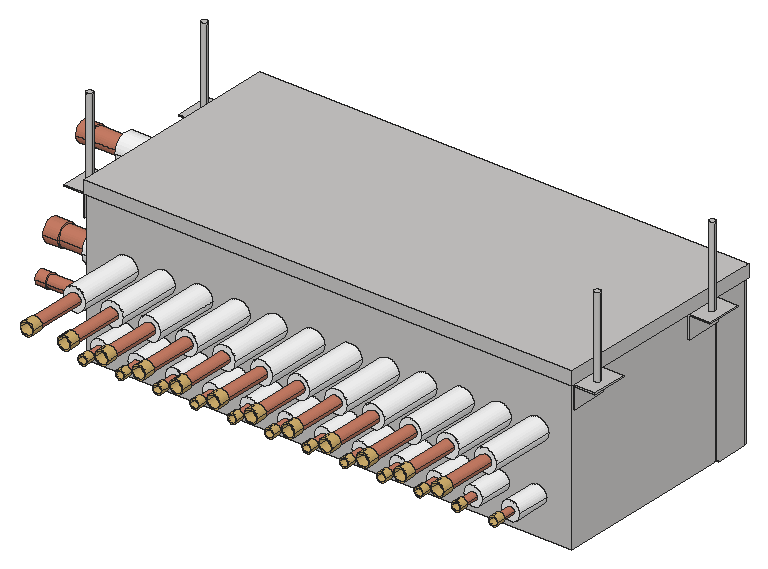
Revit family "Changeover_Box-VRF-Non_ducted-JCI-12_Port", category Mechanical Equipment, Revit 2014
Parameters (values of type "208v")
  Width = Body Width + Gas Front Connection Length  # 21.813"
  Voltage = 208 V
  Product Page URL = ""
  Product Name = "COB12M264B22S"
  Product Documentation Link = ""
  Power Factor = 0.8
  Power Consumption = 33.6 W
  Power Conduit Radius = Power Conduit Diameter / 2  # 7/16"
  Power Conduit Diameter = 7/8"
  Pitch = 4.750"
  Phase = 1
  Outdoor Suction Gas Wall Thickness = Outdoor Suction Gas Socket Outside Radius - Outdoor Suction Gas Socket Inside Radius  # 0.05855"
  Outdoor Suction Gas Socket Outside Radius = 1.0552 * Outdoor Suction Gas Radius + 0.095"  # 0.6226"
  Outdoor Suction Gas Socket Outside Depth = Outdoor Suction Gas Socket Inside Depth + Outdoor Suction Gas Wall Thickness  # 0.88355"
  Outdoor Suction Gas Socket Inside Radius = 1.0001 * Outdoor Suction Gas Radius + 0.064"  # 0.56405"
  Outdoor Suction Gas Socket Inside Depth = 1.15 * Outdoor Suction Gas Radius + 0.250"  # 0.825"
  Outdoor Liquid Wall Thickness = Outdoor Liquid Socket Outside Radius - Outdoor Liquid Socket Inside Radius  # 0.04822"
  Outdoor Liquid Socket Outside Radius = 1.0552 * Outdoor Liquid Radius + 0.095"  # 0.42475"
  Outdoor Liquid Socket Outside Depth = Outdoor Liquid Socket Inside Depth + Outdoor Liquid Wall Thickness  # 0.65759"
  Outdoor Liquid Socket Inside Radius = 1.0001 * Outdoor Liquid Radius + 0.064"  # 0.37653"
  Outdoor Liquid Socket Inside Depth = 1.15 * Outdoor Liquid Radius + 0.250"  # 0.60938"
  Outdoor Discharge Gas Wall Thickness = Outdoor Discharge Gas Socket Outside Radius - Outdoor Discharge Gas Socket Inside Radius  # 0.06199"
  Outdoor Discharge Gas Socket Outside Radius = 1.0552 * Outdoor Discharge Gas Radius + 0.095"  # 0.68855"
  Outdoor Discharge Gas Socket Outside Depth = Outdoor Discharge Gas Socket Inside Depth + Outdoor Discharge Gas Wall Thickness  # 0.95887"
  Outdoor Discharge Gas Socket Inside Radius = 1.0001 * Outdoor Discharge Gas Radius + 0.064"  # 0.62656"
  Outdoor Discharge Gas Socket Inside Depth = 1.15 * Outdoor Discharge Gas Radius + 0.250"  # 0.89687"
  Operating Weight = 176.369 lbf
  Number of Poles = 2
  Minimum Circuit Current = 0.6 A
  Max Number of Connectable Indoor Units (per branch) = 6
  Max Connectable Capacity (total) = 255900.0 Btu/h
  Max Connectable Capacity (per branch) = 54600.0 Btu/h
  Material Takeoff [instance] = yes
  Liquid Side Connection Length = 4.313"
  Liquid Front Connection Length = 3.375"
  Lid Height = 0.800"
  Length 5 [instance] = if(Material Takeoff, 0.000", Indoor Liquid Socket Inside Depth)  # 0.000"
  Length 4 [instance] = if(Material Takeoff, 0.000", Indoor Gas Socket Inside Depth)  # 0.000"
  Length 31 [instance] = if(Material Takeoff, Outdoor Suction Gas Socket Inside Depth, 0.000")  # 0.825"
  Length 30 [instance] = if(Material Takeoff, Outdoor Suction Gas Socket Inside Depth, Outdoor Suction Gas Wall Thickness)  # 0.825"
  Length 29 [instance] = if(Material Takeoff, Outdoor Liquid Socket Inside Depth, 0.000")  # 0.60938"
  Length 28 [instance] = if(Material Takeoff, Outdoor Liquid Socket Inside Depth, Outdoor Liquid Wall Thickness)  # 0.60938"
  Length 27 [instance] = if(Material Takeoff, Outdoor Discharge Gas Socket Inside Depth, Outdoor Discharge Gas Wall Thickness)  # 0.89687"
  Length 26 [instance] = if(Material Takeoff, Outdoor Discharge Gas Socket Inside Depth, 0.000")  # 0.89687"
  Length 25 [instance] = if(Material Takeoff, 0.000" - Indoor Liquid Socket Inside Depth, 0.000")  # -0.46563"
  Length 24 [instance] = if(Material Takeoff, Indoor Liquid Socket Inside Depth, Indoor Liquid Wall Thickness)  # 0.46563"
  Length 23 [instance] = if(Material Takeoff, Indoor Liquid Socket Inside Depth, 0.000")  # 0.46563"
  Length 22 [instance] = if(Material Takeoff, 0.000" - Indoor Gas Socket Inside Depth, 0.000")  # -0.60938"
  Length 21 [instance] = if(Material Takeoff, Indoor Gas Socket Inside Depth, Indoor Gas Wall Thickness)  # 0.60938"
  Length 20 [instance] = if(Material Takeoff, Indoor Gas Socket Inside Depth, 0.000")  # 0.60938"
  Length 19 = 0.025"
  Length = Body Length + Gas Side Connection Length  # 38.876"
  Indoor Liquid Wall Thickness = Indoor Liquid Socket Outside Radius - Indoor Liquid Socket Inside Radius  # 0.04133"
  Indoor Liquid Socket Outside Radius = 1.0552 * Indoor Liquid Radius + 0.095"  # 0.29285"
  Indoor Liquid Socket Outside Depth = Indoor Liquid Socket Inside Depth + Indoor Liquid Wall Thickness  # 0.50696"
  Indoor Liquid Socket Inside Radius = 1.0001 * Indoor Liquid Radius + 0.064"  # 0.25152"
  Indoor Liquid Socket Inside Depth = 1.15 * Indoor Liquid Radius + 0.250"  # 0.46563"
  Indoor Liquid Insulation Length = 2.000"
  Indoor Gas Wall Thickness = Indoor Gas Socket Outside Radius - Indoor Gas Socket Inside Radius  # 0.04822"
  Indoor Gas Socket Outside Radius = 1.0552 * Indoor Gas Radius + 0.095"  # 0.42475"
  Outdoor Suction Gas Z Offset = 6.125"
  Outdoor Suction Gas Y Offset = 9.625"
  Outdoor Suction Gas Radius = 1/2"
  Outdoor Liquid Z Offset = 2.375"
  Outdoor Liquid Y Offset = 1.9375"
  Outdoor Liquid Radius = 5/16"
  Outdoor Discharge Gas Z Offset = 1.625"
  Outdoor Discharge Gas Y Offset = 7.063"
  Outdoor Discharge Gas Radius = 9/16"
  Length 8 = Outdoor Suction Gas Radius + 0.400"  # 0.900"
  Outdoor Discharge Gas Body Radius = Outdoor Discharge Gas Radius + 0.060"  # 0.6225"
  Length 6 = Outdoor Discharge Gas Radius + 0.400"  # 0.9625"
  Indoor Gas Insulation Length = 4.000"
  Indoor Gas Body Radius = Indoor Gas Radius + Indoor Gas Wall Thickness  # 0.36072"
  Indoor Liquid Body Radius = Indoor Liquid Radius + Indoor Liquid Wall Thickness  # 0.22883"
  Length 3 = Indoor Liquid Radius + 0.400"  # 0.5875"
  Length 2 = Indoor Gas Radius + 0.400"  # 0.7125"
  Length 7 = 0.100"  # constant formula
  Length 18 = if(Indoor Gas Y Offset - Length 2 < Width / 2 - Length 1, Indoor Gas Y Offset - Length 2, (Width / 2 - Length 1))  # 2.2375"
  Outdoor Liquid Body Radius = Outdoor Liquid Radius + 0.060"  # 0.3725"
  Length 16 = Outdoor Liquid Radius + 0.400"  # 0.7125"
  Outdoor Suction Gas Body Radius = Outdoor Suction Gas Radius + 0.060"  # 0.560"
  Length 1 = 1.125"  # constant formula
  Knockout Z Separation = 1.340"
  Knockout Y Offset = 5.390"
  Knockout Power Radius = 111/256"
  Knockout Control Radius = 101/256"
  Indoor Gas Z Offset = 6.125"
  Indoor Liquid Y Offset = 0.820"
  Indoor Liquid Z Offset = 2.375"
  Indoor Gas Y Offset = 2.950"
  Indoor Gas Socket Outside Depth = Indoor Gas Socket Inside Depth + Indoor Gas Wall Thickness  # 0.65759"
  Indoor Gas Socket Inside Radius = 1.0001 * Indoor Gas Radius + 0.064"  # 0.37653"
  Indoor Gas Socket Inside Depth = 1.15 * Indoor Gas Radius + 0.250"  # 0.60938"
  Highlight Material 1 = Metal - JCI - Brass
  Height = 10.250"
  Front Pipe Spacing = Pitch / 2  # 2.375"
  Gas Front Connection Length = 7.813"
  Frequency = 60 Hz
  Copyright © = "Copyright © 2001-2017 Johnson Controls"  # constant formula
  Control Z Offset = 0.830"
  Gas Side Connection Length = 7.813"
  Comms Conduit Radius = Comms Conduit Diameter / 2  # 1/2"
  Comms Conduit Diameter = 1"
  Body Width = 14.000"
  Body Length = 31.063"
  URL = "http://www.johnsoncontrols.com"
  Type Comments = "208 v"
  Insulation Material = Plastic - JCI - White
  Model = Product Name  # "COB12M264B22S"
  Manufacturer = "Johnson Controls Inc."
  Load Classification = HVAC
  Length 9 [instance] = if(Clearance Zones, Clearance Front, 0.000")  # 0.000"
  Length 14 [instance] = if(Clearance Zones, Clearance Top, 0.000")  # 0.000"
  Length 13 [instance] = if(Clearance Zones, Clearance Bottom, 0.000")  # 0.000"
  Length 12 [instance] = if(Clearance Zones, Clearance Right, 0.000")  # 0.000"
  Length 11 [instance] = if(Clearance Zones, Clearance Left, 0.000")  # 0.000"
  Length 10 [instance] = if(Clearance Zones, Clearance Back, 0.000")  # 0.000"
  Hanging Bolt Pitch = 32.313"
  Description = "Cooling/Heating 12 Port Changeover Box"  # constant formula
  Hanging Bolts [instance] = yes
  Drop Rod Radius = 0.188"
  Hanging Height [instance] = 4.250"
  Drain Radius = 5/8"
  Indoor Liquid Radius = 3/16"
  Indoor Gas Radius = 5/16"
  DX Pipe Material = Metal - JCI - Copper
  Clearance Zones [instance] = no
  Clearance Top [instance] = 3.938"
  Clearance Right [instance] = 15.750"
  Clearance Material = Clearance Zones
  Clearance Left [instance] = 19.688"
  Clearance Front [instance] = 27.600"
  Clearance Bottom = 3.938"
  Clearance Back = 33.438"
  Body Material = Metal - JCI - Steel
  Assembly Code = "D3030200"
  Apparent Load = Minimum Circuit Current * Voltage / Power Factor  # 156 VA
  Angle 1 [instance] = if(Material Takeoff, 90.00°, 0.00°)  # 90.00°
Reference planes (in)
  plane 1 "Center (Front/Back)": y = 0
  plane 2: z = 0
  plane 3 "Center (Left/Right)": x = 0
  plane 4 "Back": y = 10.9065
  plane 5 "Front": y = -10.9065
  plane 6 "lid left": x = -15.5315
  plane 7 "lid right": x = 15.5315
  plane 8 "upper bracket left": x = -16.9065
  plane 9 "upper bracket right": x = 16.9065
  plane 10 "Left Bolt Pitch": x = -16.1565
  plane 11 "Right Bolt Pitch": x = 16.1565
  plane 12 "Top": z = 10.25
  plane 13 "Bottom": z = 0
  plane 14 "plate top": z = 9.45
  plane 15 "plate bottom": z = 9.371
  plane 16 "bracket 1 front": y = -2.9935
  plane 17 "Hanging Rods Height": z = 14.5
  plane 18 "bolt bottom": z = 9.071
  plane 19: z = 10.25
  plane 20 "Cleareance Left": x = -15.5315
  plane 21 "Clearance Right": x = 16.9065
  plane 22 "Clearance Front": y = -10.9065
  plane 23 "Clearance Back": y = 10.9065
  plane 24 "Clearance Top": z = 10.25
  plane 25 "Clearance Bottom": z = 0
  plane 26 "bracket 1 back": y = -0.7435
  plane 27 "rod 1 y cl": y = -1.8685
  plane 28 "Left": x = -23.2445
  plane 29 "Right": x = 16.9065
  plane 30 "trim back 1": y = 8.4065
  plane 31 "body top": z = 9.45
  plane 32 "body left": x = -15.4315
  plane 33 "body right": x = 15.4315
  plane 34 "bracket bottom": z = 8.05
  plane 35 "control z cl": z = 0.83
  plane 36 "power z cl": z = 2.17
  plane 37 "indoor liquid z cl": z = 2.375
  plane 38 "outside discharge gas y cl": y = 3.9695
  plane 39 "outdoor liquid y cl": y = -1.156
  plane 40 "outside suction gas y cl": y = 6.5315
  plane 41 "outdoor discharge gas z cl": z = 1.625
  plane 42 "outdoor liquid z cl": z = 2.375
  plane 43 "outdoor suction gas z cl": z = 6.125
  plane 44 "outdoor liquid inuslation left": x = -17.0315
  plane 45 "outdoor gas insulation left": x = -20.5315
  plane 46 "knockout y cl": y = 5.5165
  plane 47 "body back": y = 10.8065
  plane 48 "body front": y = -2.9935
  plane 49 "trim back 2": y = 7.9065
  plane 50 "drain y cl": y = 9.4065
  plane 51 "drain left": x = -16.8315
  plane 52 "front liquid x cl": x = -12.9065
  plane 53 "front gas x cl": x = -10.5315
  plane 54: x = -8.1565
  plane 55: x = -5.7815
  plane 56: x = -3.4065
  plane 57: x = -1.0315
  plane 58: x = 1.3435
  plane 59: x = 3.7185
  plane 60 "lid front": y = -3.0935
  plane 61 "gas insulation front": y = -7.0935
  plane 62 "indoor gas socket back": y = -10.24891
  plane 63 "indoor liquid socket back": y = -5.96154
  plane 64 "gas void back": y = -10.29713
  plane 65 "gas void front": y = -10.9065
  plane 66 "liquid void back": y = -6.00288
  plane 67 "liquid void front": y = -6.4685
  plane 68 "bracket 2 front": y = 6.1315
  plane 69 "bracket 2 back": y = 8.3815
  plane 70: y = 7.2565
  plane 71 "indoor gas z cl": z = 6.125
  plane 72: x = 6.0935
  plane 73: x = 8.4685
  plane 74: x = 10.8435
  plane 75: x = 13.2185
  plane 76 "indoor liquid front": y = -6.4685
  plane 77: y = -5.0935
  plane 78 "outside liquid left": x = -19.8445
Forms (in)
  Extrusion 1, solid, detail levels coarse
    sketch origin (0, 0, 0) x (0, 1, 0) y (0, 0, 1)
      loop
        line (-10.9065, 10.25) -> (-10.9065, 0) -> (10.9065, 0) -> (10.9065, 10.25) -> (-10.9065, 10.25)
    from -23.2445 to 16.9065
  Extrusion 2, solid, material "Metal - JCI - Steel" <- "Body Material", visible <- "Hanging Bolts", detail levels medium+fine
    sketch origin (0, 0, 9.45) x (-1, 0, 0) y (0, -1, 0)
      loop
        circle (16.1565, 1.8685) r 0.188
      loop
        circle (-16.1565, 1.8685) r 0.188
      loop
        circle (16.1565, -7.2565) r 0.188
      loop
        circle (-16.1565, -7.2565) r 0.188
    from 0 to 5.05
  Extrusion 3, solid, material "Clearance Zones" <- "Clearance Material", visible <- "Clearance Zones"
    sketch origin (0, 0, 10.25) x (-1, 0, 0) y (0, -1, 0)
      loop
        line (15.5315, -10.9065) -> (15.5315, 10.9065) -> (-16.9065, 10.9065) -> (-16.9065, -10.9065) -> (15.5315, -10.9065)
    from -10.25 to 0
  Extrusion 4, solid, material "Metal - JCI - Steel" <- "Body Material", visible <- "Hanging Bolts", detail levels medium+fine
    sketch origin (0, 0, 10.25) x (-1, 0, 0) y (0, -1, 0)
      loop
        circle (16.1565, 1.8685) r 0.188
      loop
        circle (-16.1565, 1.8685) r 0.188
      loop
        circle (16.1565, -7.2565) r 0.188
      loop
        circle (-16.1565, -7.2565) r 0.188
    from -1.179 to -0.879
  Extrusion 5, solid, material "Metal - JCI - Steel" <- "Body Material", detail levels fine
    sketch origin (0, 0, 10.25) x (-1, 0, 0) y (0, -1, 0)
      loop
        line (15.5315, -10.9065) -> (15.5315, 3.0935) -> (-15.5315, 3.0935) -> (-15.5315, -10.9065) -> (15.5315, -10.9065)
    from -0.8 to 0
  Extrusion 6, solid, material "Metal - JCI - Steel" <- "Body Material", detail levels medium+fine
    sketch origin (0, -10.9065, 0) x (-1, 0, 0) y (0, 0, 1)
      loop
        line (16.9065, 9.45) -> (15.5315, 9.45) -> (15.5315, 8.05) -> (15.6105, 8.05) -> (15.6105, 9.371) -> (16.9065, 9.371) -> (16.9065, 9.45)
      loop
        line (-15.5315, 8.05) -> (-15.5315, 9.45) -> (-16.9065, 9.45) -> (-16.9065, 9.371) -> (-15.6105, 9.371) -> (-15.6105, 8.05) -> (-15.5315, 8.05)
    from 7.913 to 10.163
  Revolve 7, solid, material "Metal - JCI - Copper" <- "DX Pipe Material", detail levels medium+fine
    sketch origin (0, 0, 1.625) x (0, 1, 0) y (-1, 0, 0)
      loop
        line (3.9695, 15.4315) -> (4.932, 15.4315) -> (4.932, 20.5315) -> (4.592, 20.5315) -> (4.592, 22.28563) -> (4.65805, 22.28563) -> (4.65805, 23.2445) -> (4.59606, 23.2445) -> (4.59606, 22.34762) -> (3.9695, 22.34762) -> (3.9695, 15.4315)
      axis (3.9695, 23.2445) -> (3.9695, 15.4315)
    angle from 0 to 360
  Revolve 8, solid, material "Metal - JCI - Copper" <- "DX Pipe Material", detail levels medium+fine
    sketch origin (0, 0, 2.375) x (0, 1, 0) y (-1, 0, 0)
      loop
        line (-1.156, 19.23512) -> (-1.156, 15.4315) -> (-0.4435, 15.4315) -> (-0.4435, 17.0315) -> (-0.7835, 17.0315) -> (-0.7835, 19.18691) -> (-0.73125, 19.18691) -> (-0.73125, 19.8445) -> (-0.77947, 19.8445) -> (-0.77947, 19.23512) -> (-1.156, 19.23512)
      axis (-1.156, 19.8445) -> (-1.156, 15.4315)
    angle from 0 to 360
  Revolve 9, solid, material "Metal - JCI - Copper" <- "DX Pipe Material", detail levels medium+fine
    sketch origin (0, 0, 6.125) x (0, 1, 0) y (-1, 0, 0)
      loop
        line (7.1541, 23.2445) -> (7.09555, 23.2445) -> (7.09555, 22.4195) -> (6.5315, 22.4195) -> (6.5315, 15.4315) -> (7.4315, 15.4315) -> (7.4315, 20.5315) -> (7.0915, 20.5315) -> (7.0915, 22.36095) -> (7.1541, 22.36095) -> (7.1541, 23.2445)
      axis (6.5315, 23.2445) -> (6.5315, 15.4315)
    angle from 0 to 360
  Extrusion 10, solid, material "Metal - JCI - Steel" <- "Body Material", detail levels medium
    sketch origin (0, 0, 10.25) x (-1, 0, 0) y (0, -1, 0)
      loop
        line (15.4315, -10.9065) -> (15.4315, 2.9935) -> (-15.4315, 2.9935) -> (-15.4315, -10.9065) -> (15.4315, -10.9065)
    from 0 to -10.25
  Extrusion 11, solid, material "Metal - JCI - Copper" <- "DX Pipe Material", not visible
    sketch origin (-23.2445, 0, 0) x (0, 1, 0) y (0, 0, 1)
      loop
        circle (3.9695, 1.625) r 0.2
    from 0.89688 <- "Length 26" to 3
  Extrusion 12, solid, material "Metal - JCI - Copper" <- "DX Pipe Material", not visible
    sketch origin (-19.8445, 0, 0) x (0, 1, 0) y (0, 0, 1)
      loop
        circle (-1.156, 2.375) r 0.2
    from 0.60938 <- "Length 29" to 3
  Extrusion 13, solid, material "Metal - JCI - Copper" <- "DX Pipe Material", not visible
    sketch origin (-23.2445, 0, 0) x (0, 1, 0) y (0, 0, 1)
      loop
        circle (6.5315, 6.125) r 0.2
    from 0.825 <- "Length 31" to 3
  Extrusion 14, solid, material "Metal - JCI - Steel" <- "Body Material", detail levels fine
    sketch origin (-15.5315, 0, 0) x (0, 1, 0) y (0, 0, 1)
      loop
        line (8.53967, 0) -> (10.8065, 0) -> (10.8065, 9.45) -> (-2.9935, 9.45) -> (-2.9935, 0) -> (8.27333, 0) -> (8.4065, 0.13317) -> (8.53967, 0)
    from 0.1 to 30.963
  Extrusion 15, solid, material "Metal - JCI - Steel" <- "Body Material", detail levels fine
    sketch origin (-15.5315, 0, 0) x (0, 1, 0) y (0, 0, 1)
      loop
        line (8.53967, 0) -> (10.5565, 0) -> (10.5565, 9.45) -> (8.4065, 9.45) -> (8.4065, 0.13317) -> (8.53967, 0)
    from 0 to 31.063
  Extrusion 16, solid, material "Plastic - JCI - White" <- "Insulation Material", detail levels medium+fine
    sketch origin (0, -2.9935, 0) x (-1, 0, 0) y (0, 0, 1)
      loop
        circle (10.5315, 6.125) r 0.7125
      loop
        circle (5.7815, 6.125) r 0.7125
      loop
        circle (1.0315, 6.125) r 0.7125
      loop
        circle (-3.7185, 6.125) r 0.7125
      loop
        circle (12.9065, 6.125) r 0.7125
      loop
        circle (8.1565, 6.125) r 0.7125
      loop
        circle (3.4065, 6.125) r 0.7125
      loop
        circle (-1.3435, 6.125) r 0.7125
      loop
        circle (-6.0935, 6.125) r 0.7125
      loop
        circle (-8.4685, 6.125) r 0.7125
      loop
        circle (-10.8435, 6.125) r 0.7125
      loop
        circle (-13.2185, 6.125) r 0.7125
    from 0 to -4.1
  Extrusion 17, solid, material "Metal - JCI - Copper" <- "DX Pipe Material", detail levels medium+fine
    sketch origin (0, -10.9065, 0) x (-1, 0, 0) y (0, 0, 1)
      loop
        circle (10.5315, 6.125) r 0.36072
      loop
        circle (5.7815, 6.125) r 0.36072
      loop
        circle (1.0315, 6.125) r 0.36072
      loop
        circle (-3.7185, 6.125) r 0.36072
      loop
        circle (12.9065, 6.125) r 0.36072
      loop
        circle (8.1565, 6.125) r 0.36072
      loop
        circle (-1.3435, 6.125) r 0.36072
      loop
        circle (-8.4685, 6.125) r 0.36072
      loop
        circle (3.4065, 6.125) r 0.36072
      loop
        circle (-6.0935, 6.125) r 0.36072
      loop
        circle (-10.8435, 6.125) r 0.36072
      loop
        circle (-13.2185, 6.125) r 0.36072
    from 0.65759 to 3.813
  Extrusion 18, solid, material "Metal - JCI - Brass" <- "Highlight Material 1", detail levels medium+fine
    sketch origin (0, -10.9065, 0) x (-1, 0, 0) y (0, 0, 1)
      loop
        circle (10.5315, 6.125) r 0.42475
      loop
        circle (5.7815, 6.125) r 0.42475
      loop
        circle (1.0315, 6.125) r 0.42475
      loop
        circle (-3.7185, 6.125) r 0.42475
      loop
        circle (12.9065, 6.125) r 0.42475
      loop
        circle (3.4065, 6.125) r 0.42475
      loop
        circle (-6.0935, 6.125) r 0.42475
      loop
        circle (-10.8435, 6.125) r 0.42475
      loop
        circle (8.1565, 6.125) r 0.42475
      loop
        circle (-1.3435, 6.125) r 0.42475
      loop
        circle (-8.4685, 6.125) r 0.42475
      loop
        circle (-13.2185, 6.125) r 0.42475
    from 0 to 0.65759
  Extrusion 19, void
    sketch origin (0, -10.9065, 0) x (-1, 0, 0) y (0, 0, 1)
      loop
        circle (10.5315, 6.125) r 0.37653
      loop
        circle (5.7815, 6.125) r 0.37653
      loop
        circle (1.0315, 6.125) r 0.37653
      loop
        circle (-3.7185, 6.125) r 0.37653
      loop
        circle (12.9065, 6.125) r 0.37653
      loop
        circle (3.4065, 6.125) r 0.37653
      loop
        circle (-6.0935, 6.125) r 0.37653
      loop
        circle (-10.8435, 6.125) r 0.37653
      loop
        circle (8.1565, 6.125) r 0.37653
      loop
        circle (-1.3435, 6.125) r 0.37653
      loop
        circle (-8.4685, 6.125) r 0.37653
      loop
        circle (-13.2185, 6.125) r 0.37653
    from 0 to 0.60938
  Extrusion 20, solid, material "Metal - JCI - Copper" <- "DX Pipe Material", detail levels medium+fine
    sketch origin (0, -10.9065, 0) x (-1, 0, 0) y (0, 0, 1)
      loop
        circle (12.9065, 2.375) r 0.22883
      loop
        circle (8.1565, 2.375) r 0.22883
      loop
        circle (3.4065, 2.375) r 0.22883
      loop
        circle (-1.3435, 2.375) r 0.22883
      loop
        circle (10.5315, 2.375) r 0.22883
      loop
        circle (1.0315, 2.375) r 0.22883
      loop
        circle (-3.7185, 2.375) r 0.22883
      loop
        circle (-8.4685, 2.375) r 0.22883
      loop
        circle (5.7815, 2.375) r 0.22883
      loop
        circle (-6.0935, 2.375) r 0.22883
      loop
        circle (-10.8435, 2.375) r 0.22883
      loop
        circle (-13.2185, 2.375) r 0.22883
    from 5.813 to 4.94496
  Extrusion 21, solid, material "Metal - JCI - Brass" <- "Highlight Material 1", detail levels medium+fine
    sketch origin (0, -10.9065, 0) x (-1, 0, 0) y (0, 0, 1)
      loop
        circle (12.9065, 2.375) r 0.29285
      loop
        circle (8.1565, 2.375) r 0.29285
      loop
        circle (3.4065, 2.375) r 0.29285
      loop
        circle (-1.3435, 2.375) r 0.29285
      loop
        circle (10.5315, 2.375) r 0.29285
      loop
        circle (5.7815, 2.375) r 0.29285
      loop
        circle (-6.0935, 2.375) r 0.29285
      loop
        circle (-10.8435, 2.375) r 0.29285
      loop
        circle (1.0315, 2.375) r 0.29285
      loop
        circle (-3.7185, 2.375) r 0.29285
      loop
        circle (-8.4685, 2.375) r 0.29285
      loop
        circle (-13.2185, 2.375) r 0.29285
    from 4.438 to 4.94496
  Extrusion 22, void
    sketch origin (0, -10.9065, 0) x (-1, 0, 0) y (0, 0, 1)
      loop
        circle (12.9065, 2.375) r 0.25152
      loop
        circle (8.1565, 2.375) r 0.25152
      loop
        circle (3.4065, 2.375) r 0.25152
      loop
        circle (-1.3435, 2.375) r 0.25152
      loop
        circle (10.5315, 2.375) r 0.25152
      loop
        circle (5.7815, 2.375) r 0.25152
      loop
        circle (1.0315, 2.375) r 0.25152
      loop
        circle (-3.7185, 2.375) r 0.25152
      loop
        circle (-6.0935, 2.375) r 0.25152
      loop
        circle (-8.4685, 2.375) r 0.25152
      loop
        circle (-10.8435, 2.375) r 0.25152
      loop
        circle (-13.2185, 2.375) r 0.25152
    from 4.90363 to 4.438
  Extrusion 23, solid, material "Metal - JCI - Steel" <- "Body Material", detail levels medium+fine
    sketch origin (0, -10.9065, 0) x (-1, 0, 0) y (0, 0, 1)
      loop
        line (15.5315, 9.45) -> (15.5315, 8.05) -> (15.6105, 8.05) -> (15.6105, 9.371) -> (16.9065, 9.371) -> (16.9065, 9.45) -> (15.5315, 9.45)
      loop
        line (-15.6105, 8.05) -> (-15.5315, 8.05) -> (-15.5315, 9.45) -> (-16.9065, 9.45) -> (-16.9065, 9.371) -> (-15.6105, 9.371) -> (-15.6105, 8.05)
    from 17.038 to 19.288
  Extrusion 24, solid, material "Plastic - JCI - White" <- "Insulation Material", detail levels medium+fine
    sketch origin (0, -10.9065, 0) x (-1, 0, 0) y (0, 0, 1)
      loop
        circle (12.9065, 2.375) r 0.5875
      loop
        circle (8.1565, 2.375) r 0.5875
      loop
        circle (3.4065, 2.375) r 0.5875
      loop
        circle (-1.3435, 2.375) r 0.5875
      loop
        circle (10.5315, 2.375) r 0.5875
      loop
        circle (1.0315, 2.375) r 0.5875
      loop
        circle (-6.0935, 2.375) r 0.5875
      loop
        circle (-10.8435, 2.375) r 0.5875
      loop
        circle (5.7815, 2.375) r 0.5875
      loop
        circle (-3.7185, 2.375) r 0.5875
      loop
        circle (-8.4685, 2.375) r 0.5875
      loop
        circle (-13.2185, 2.375) r 0.5875
    from 5.813 to 7.913
  Extrusion 25, solid, material "Metal - JCI - Steel" <- "Body Material", detail levels medium+fine
    sketch origin (0, 0, 0) x (-1, 0, 0) y (0, -1, 0)
      loop
        circle (14.0565, -9.969) r 0.4375
      loop
        circle (7.119, -9.594) r 0.5
      loop
        circle (-2.3185, -9.594) r 0.5
      loop
        circle (-11.756, -9.594) r 0.5
    from 0 to 0.83
Cuts and joins
  Extrusion 19 cuts Extrusion 18
  Extrusion 22 cuts Extrusion 21
Lines and regions (in)
  Masking region 1, detail levels medium+fine
    outline origin (0, 0, 9.45) x (-1, 0, 0) y (0, -1, 0)
      loop
        line (15.5315, -10.9065) -> (15.5315, 3.0935) -> (-15.5315, 3.0935) -> (-15.5315, -10.9065) -> (15.5315, -10.9065)
  Masking region 2, detail levels medium+fine
    outline origin (0, 0, 0) x (1, 0, 0) y (0, 0, 1)
      loop
        line (-15.5315, 10.25) -> (-15.5315, 0) -> (15.5315, 0) -> (15.5315, 10.25) -> (-15.5315, 10.25)
  Masking region 3, detail levels coarse
    outline origin (0, 0, 0) x (0, 1, 0) y (0, 0, 1)
      loop
        line (-10.9065, 10.25) -> (-10.9065, 0) -> (10.9065, 0) -> (10.9065, 10.25) -> (-10.9065, 10.25)
  Masking region 4, visible <- "Hanging Bolts", detail levels fine
    outline origin (0, 0, 0) x (0, 1, 0) y (0, 0, 1)
      loop
        line (-2.0565, 14.5) -> (-2.0565, 9.45) -> (-1.6805, 9.45) -> (-1.6805, 14.5) -> (-2.0565, 14.5)
      loop
        line (-1.6805, 9.371) -> (-2.0565, 9.371) -> (-2.0565, 9.071) -> (-1.6805, 9.071) -> (-1.6805, 9.371)
      loop
        line (7.4445, 14.5) -> (7.0685, 14.5) -> (7.0685, 9.45) -> (7.4445, 9.45) -> (7.4445, 14.5)
      loop
        line (7.4445, 9.371) -> (7.0685, 9.371) -> (7.0685, 9.071) -> (7.4445, 9.071) -> (7.4445, 9.371)
  Masking region 5, detail levels fine
    outline origin (0, 0, 0) x (1, 0, 0) y (0, 0, 1)
      loop
        line (-16.9065, 9.45) -> (-16.9065, 9.371) -> (-15.6105, 9.371) -> (-15.6105, 8.05) -> (-15.5315, 8.05) -> (-15.5315, 9.45) -> (-16.9065, 9.45)
      loop
        line (15.6105, 9.371) -> (16.9065, 9.371) -> (16.9065, 9.45) -> (15.5315, 9.45) -> (15.5315, 8.05) -> (15.6105, 8.05) -> (15.6105, 9.371)
  Masking region 6, visible <- "Hanging Bolts", detail levels fine
    outline origin (0, 0, 0) x (1, 0, 0) y (0, 0, 1)
      loop
        line (-16.3445, 14.5) -> (-16.3445, 9.45) -> (-15.9685, 9.45) -> (-15.9685, 14.5) -> (-16.3445, 14.5)
      loop
        line (15.9685, 14.5) -> (15.9685, 9.45) -> (16.3445, 9.45) -> (16.3445, 14.5) -> (15.9685, 14.5)
      loop
        line (-16.3445, 9.371) -> (-16.3445, 9.071) -> (-15.9685, 9.071) -> (-15.9685, 9.371) -> (-16.3445, 9.371)
      loop
        line (15.9685, 9.371) -> (15.9685, 9.071) -> (16.3445, 9.071) -> (16.3445, 9.371) -> (15.9685, 9.371)
  Masking region 7, detail levels medium+fine
    outline origin (0, 0, 9.45) x (-1, 0, 0) y (0, -1, 0)
      loop
        line (19.8445, 0.73125) -> (19.8445, 1.58075) -> (19.18691, 1.58075) -> (19.18691, 1.5285) -> (17.0315, 1.5285) -> (17.0315, 1.8685) -> (15.5315, 1.8685) -> (15.5315, 0.4435) -> (17.0315, 0.4435) -> (17.0315, 0.7835) -> (19.18691, 0.7835) -> (19.18691, 0.73125) -> (19.8445, 0.73125)
  Masking region 8, detail levels medium+fine
    outline origin (0, 0, 9.45) x (-1, 0, 0) y (0, -1, 0)
      loop
        line (22.36095, -7.1541) -> (23.2445, -7.1541) -> (23.2445, -5.9089) -> (22.36095, -5.9089) -> (22.36095, -5.9715) -> (20.5315, -5.9715) -> (20.5315, -5.6315) -> (15.5315, -5.6315) -> (15.5315, -7.4315) -> (20.5315, -7.4315) -> (20.5315, -7.0915) -> (22.36095, -7.0915) -> (22.36095, -7.1541)
      loop
        line (22.28563, -4.592) -> (22.28563, -4.65805) -> (23.2445, -4.65805) -> (23.2445, -3.28095) -> (22.28563, -3.28095) -> (22.28563, -3.347) -> (20.5315, -3.347) -> (20.5315, -3.007) -> (15.5315, -3.007) -> (15.5315, -4.932) -> (20.5315, -4.932) -> (20.5315, -4.592) -> (22.28563, -4.592)
  Masking region 9, detail levels coarse
    outline origin (0, 0, 10.25) x (-1, 0, 0) y (0, -1, 0)
      loop
        line (-16.9065, -10.9065) -> (23.2445, -10.9065) -> (23.2445, 10.9065) -> (-16.9065, 10.9065) -> (-16.9065, -10.9065)
  Masking region 10, detail levels coarse
    outline origin (0, -10.9065, 0) x (-1, 0, 0) y (0, 0, 1)
      loop
        line (23.2445, 10.25) -> (-16.9065, 10.25) -> (-16.9065, 0) -> (23.2445, 0) -> (23.2445, 10.25)
  Masking region 11, detail levels medium+fine
    outline origin (15.4315, 0, 0) x (0, 1, 0) y (0, 0, 1)
      loop
        line (-2.9935, 2.9625) -> (-5.0935, 2.9625) -> (-5.0935, 2.60383) -> (-5.96154, 2.60383) -> (-5.96154, 2.66785) -> (-6.4685, 2.66785) -> (-6.4685, 2.08215) -> (-5.96154, 2.08215) -> (-5.96154, 2.14617) -> (-5.0935, 2.14617) -> (-5.0935, 1.7875) -> (-2.9935, 1.7875) -> (-2.9935, 2.9625)
      loop
        line (-2.9935, 6.8375) -> (-7.0935, 6.8375) -> (-7.0935, 6.48572) -> (-10.24891, 6.48572) -> (-10.24891, 6.54975) -> (-10.9065, 6.54975) -> (-10.9065, 5.70025) -> (-10.24891, 5.70025) -> (-10.24891, 5.76428) -> (-7.0935, 5.76428) -> (-7.0935, 5.4125) -> (-2.9935, 5.4125) -> (-2.9935, 6.8375)
  Masking region 12, detail levels medium
    outline origin (0, 0, 0) x (0, 1, 0) y (0, 0, 1)
      loop
        line (10.9065, 10.25) -> (-2.9935, 10.25) -> (-2.9935, 0) -> (10.9065, 0) -> (10.9065, 10.25)
  Masking region 13, detail levels coarse
    outline origin (0, 0, 0) x (1, 0, 0) y (0, 0, 1)
      loop
        line (-23.2445, 10.25) -> (-23.2445, 0) -> (16.9065, 0) -> (16.9065, 10.25) -> (-23.2445, 10.25)
  Masking region 14, detail levels fine
    outline origin (0, 0, 0) x (0, 1, 0) y (0, 0, 1)
      loop
        line (10.8065, 9.45) -> (10.9065, 9.45) -> (10.9065, 10.25) -> (-3.0935, 10.25) -> (-3.0935, 9.45) -> (-2.9935, 9.45) -> (-2.9935, 0) -> (8.27333, 0) -> (8.4065, 0.13317) -> (8.53967, 0) -> (10.8065, 0) -> (10.8065, 9.45)
  Masking region 15, detail levels medium+fine
    outline origin (0, 0, 10.25) x (-1, 0, 0) y (0, -1, 0)
      loop
        line (15.5315, -8.3815) -> (16.9065, -8.3815) -> (16.9065, -6.1315) -> (15.5315, -6.1315) -> (15.5315, -8.3815)
      loop
        line (15.5315, 0.7435) -> (16.9065, 0.7435) -> (16.9065, 2.9935) -> (15.5315, 2.9935) -> (15.5315, 0.7435)
      loop
        line (-16.9065, 0.7435) -> (-15.5315, 0.7435) -> (-15.5315, 2.9935) -> (-16.9065, 2.9935) -> (-16.9065, 0.7435)
      loop
        line (-16.9065, -8.3815) -> (-15.5315, -8.3815) -> (-15.5315, -6.1315) -> (-16.9065, -6.1315) -> (-16.9065, -8.3815)
  Masking region 16, detail levels medium+fine
    outline origin (0, 0, 10.25) x (-1, 0, 0) y (0, -1, 0)
      loop
        line (13.26722, 7.0935) -> (13.26722, 10.24891) -> (13.33125, 10.24891) -> (13.33125, 10.9065) -> (12.48175, 10.9065) -> (12.48175, 10.24891) -> (12.54578, 10.24891) -> (12.54578, 7.0935) -> (12.194, 7.0935) -> (12.194, 3.0935) -> (13.619, 3.0935) -> (13.619, 7.0935) -> (13.26722, 7.0935)
      loop
        line (10.89222, 7.0935) -> (10.89222, 10.24891) -> (10.95625, 10.24891) -> (10.95625, 10.9065) -> (10.10675, 10.9065) -> (10.10675, 10.24891) -> (10.17078, 10.24891) -> (10.17078, 7.0935) -> (9.819, 7.0935) -> (9.819, 3.0935) -> (11.244, 3.0935) -> (11.244, 7.0935) -> (10.89222, 7.0935)
      loop
        line (8.51722, 7.0935) -> (8.51722, 10.24891) -> (8.58125, 10.24891) -> (8.58125, 10.9065) -> (7.73175, 10.9065) -> (7.73175, 10.24891) -> (7.79578, 10.24891) -> (7.79578, 7.0935) -> (7.444, 7.0935) -> (7.444, 3.0935) -> (8.869, 3.0935) -> (8.869, 7.0935) -> (8.51722, 7.0935)
      loop
        line (6.14222, 7.0935) -> (6.14222, 10.24891) -> (6.20625, 10.24891) -> (6.20625, 10.9065) -> (5.35675, 10.9065) -> (5.35675, 10.24891) -> (5.42078, 10.24891) -> (5.42078, 7.0935) -> (5.069, 7.0935) -> (5.069, 3.0935) -> (6.494, 3.0935) -> (6.494, 7.0935) -> (6.14222, 7.0935)
      loop
        line (3.76722, 7.0935) -> (3.76722, 10.24891) -> (3.83125, 10.24891) -> (3.83125, 10.9065) -> (2.98175, 10.9065) -> (2.98175, 10.24891) -> (3.04578, 10.24891) -> (3.04578, 7.0935) -> (2.694, 7.0935) -> (2.694, 3.0935) -> (4.119, 3.0935) -> (4.119, 7.0935) -> (3.76722, 7.0935)
      loop
        line (1.39222, 7.0935) -> (1.39222, 10.24891) -> (1.45625, 10.24891) -> (1.45625, 10.9065) -> (0.60675, 10.9065) -> (0.60675, 10.24891) -> (0.67078, 10.24891) -> (0.67078, 7.0935) -> (0.319, 7.0935) -> (0.319, 3.0935) -> (1.744, 3.0935) -> (1.744, 7.0935) -> (1.39222, 7.0935)
      loop
        line (-0.98278, 7.0935) -> (-0.98278, 10.24891) -> (-0.91875, 10.24891) -> (-0.91875, 10.9065) -> (-1.76825, 10.9065) -> (-1.76825, 10.24891) -> (-1.70422, 10.24891) -> (-1.70422, 7.0935) -> (-2.056, 7.0935) -> (-2.056, 3.0935) -> (-0.631, 3.0935) -> (-0.631, 7.0935) -> (-0.98278, 7.0935)
      loop
        line (-3.35778, 7.0935) -> (-3.35778, 10.24891) -> (-3.29375, 10.24891) -> (-3.29375, 10.9065) -> (-4.14325, 10.9065) -> (-4.14325, 10.24891) -> (-4.07922, 10.24891) -> (-4.07922, 7.0935) -> (-4.431, 7.0935) -> (-4.431, 3.0935) -> (-3.006, 3.0935) -> (-3.006, 7.0935) -> (-3.35778, 7.0935)
      loop
        line (-5.73278, 7.0935) -> (-5.73278, 10.24891) -> (-5.66875, 10.24891) -> (-5.66875, 10.9065) -> (-6.51825, 10.9065) -> (-6.51825, 10.24891) -> (-6.45422, 10.24891) -> (-6.45422, 7.0935) -> (-6.806, 7.0935) -> (-6.806, 3.0935) -> (-5.381, 3.0935) -> (-5.381, 7.0935) -> (-5.73278, 7.0935)
      loop
        line (-8.10778, 7.0935) -> (-8.10778, 10.24891) -> (-8.04375, 10.24891) -> (-8.04375, 10.9065) -> (-8.89325, 10.9065) -> (-8.89325, 10.24891) -> (-8.82922, 10.24891) -> (-8.82922, 7.0935) -> (-9.181, 7.0935) -> (-9.181, 3.0935) -> (-7.756, 3.0935) -> (-7.756, 7.0935) -> (-8.10778, 7.0935)
      loop
        line (-10.48278, 7.0935) -> (-10.48278, 10.24891) -> (-10.41875, 10.24891) -> (-10.41875, 10.9065) -> (-11.26825, 10.9065) -> (-11.26825, 10.24891) -> (-11.20422, 10.24891) -> (-11.20422, 7.0935) -> (-11.556, 7.0935) -> (-11.556, 3.0935) -> (-10.131, 3.0935) -> (-10.131, 7.0935) -> (-10.48278, 7.0935)
      loop
        line (-12.85778, 7.0935) -> (-12.85778, 10.24891) -> (-12.79375, 10.24891) -> (-12.79375, 10.9065) -> (-13.64325, 10.9065) -> (-13.64325, 10.24891) -> (-13.57922, 10.24891) -> (-13.57922, 7.0935) -> (-13.931, 7.0935) -> (-13.931, 3.0935) -> (-12.506, 3.0935) -> (-12.506, 7.0935) -> (-12.85778, 7.0935)
  Masking region 17, detail levels medium+fine
    outline origin (0, 6.5315, 0) x (0, 0, 1) y (-1, 0, 0)
      loop
        line (6.7476, 23.2445) -> (5.5024, 23.2445) -> (5.5024, 22.36095) -> (5.565, 22.36095) -> (5.565, 20.5315) -> (5.225, 20.5315) -> (5.225, 15.5315) -> (7.025, 15.5315) -> (7.025, 20.5315) -> (6.685, 20.5315) -> (6.685, 22.36095) -> (6.7476, 22.36095) -> (6.7476, 23.2445)
      loop
        line (2.31355, 22.28563) -> (2.31355, 23.2445) -> (0.93645, 23.2445) -> (0.93645, 22.28563) -> (1.0025, 22.28563) -> (1.0025, 20.5315) -> (0.6625, 20.5315) -> (0.6625, 15.5315) -> (2.5875, 15.5315) -> (2.5875, 20.5315) -> (2.2475, 20.5315) -> (2.2475, 22.28563) -> (2.31355, 22.28563)
  Masking region 18, detail levels medium+fine
    outline origin (0, -1.156, 0) x (0, 0, 1) y (-1, 0, 0)
      loop
        line (2.79975, 19.8445) -> (1.95025, 19.8445) -> (1.95025, 19.18691) -> (2.0025, 19.18691) -> (2.0025, 17.0315) -> (1.6625, 17.0315) -> (1.6625, 15.5315) -> (3.0875, 15.5315) -> (3.0875, 17.0315) -> (2.7475, 17.0315) -> (2.7475, 19.18691) -> (2.79975, 19.18691) -> (2.79975, 19.8445)
  symbolic lines, detail levels medium+fine
    curve 1: circle (-16.1565, -1.8685, 9.45) r 0.188 normal (0, 0, 1)
    curve 2: circle (16.1565, -1.8685, 9.45) r 0.188 normal (0, 0, 1)
    curve 3: line (0, -2.9935, 9.371) -> (0, -0.7435, 9.371)
    curve 17: line (-19.18691, -0.7835, 9.45) -> (-19.18691, -1.5285, 9.45)
    curve 18: line (-17.0315, -0.7835, 9.45) -> (-17.0315, -1.5285, 9.45)
    curve 19: line (-22.36095, 7.0915, 9.45) -> (-22.36095, 5.9715, 9.45)
    curve 20: line (-20.5315, 7.0915, 9.45) -> (-20.5315, 5.9715, 9.45)
    curve 24: circle (-15.5315, 3.9695, 1.625) r 0.9625 normal (1, 0, 0)
    curve 25: circle (-15.5315, 3.9695, 1.625) r 0.68855 normal (1, 0, 0)
    curve 26: circle (-15.5315, -1.156, 2.375) r 0.42475 normal (1, 0, 0)
    curve 27: circle (-15.5315, -1.156, 2.375) r 0.7125 normal (1, 0, 0)
    curve 28: circle (-15.5315, 6.5315, 6.125) r 0.6226 normal (1, 0, 0)
    curve 29: circle (-15.5315, 6.5315, 6.125) r 0.9 normal (1, 0, 0)
    curve 34: line (15.4315, -5.0935, 2.60383) -> (15.4315, -5.0935, 2.14617)
    curve 35: line (15.4315, -5.96154, 2.60383) -> (15.4315, -5.96154, 2.14617)
    curve 36: circle (-12.9065, -10.9065, 2.375) r 0.5875 normal (0, 1, 0)
    curve 37: circle (-10.5315, -10.9065, 6.125) r 0.7125 normal (0, 1, 0)
    curve 38: circle (-8.1565, -10.9065, 2.375) r 0.5875 normal (0, 1, 0)
    curve 39: circle (-5.7815, -10.9065, 6.125) r 0.7125 normal (0, 1, 0)
    curve 40: circle (-3.4065, -10.9065, 2.375) r 0.5875 normal (0, 1, 0)
    curve 41: circle (-1.0315, -10.9065, 6.125) r 0.7125 normal (0, 1, 0)
    curve 42: circle (1.3435, -10.9065, 2.375) r 0.5875 normal (0, 1, 0)
    curve 43: circle (3.7185, -10.9065, 6.125) r 0.7125 normal (0, 1, 0)
    curve 44: circle (-12.9065, -10.9065, 2.375) r 0.29285 normal (0, 1, 0)
    curve 45: circle (-10.5315, -10.9065, 6.125) r 0.42475 normal (0, 1, 0)
    curve 46: circle (-8.1565, -10.9065, 2.375) r 0.29285 normal (0, 1, 0)
    curve 47: circle (-5.7815, -10.9065, 6.125) r 0.42475 normal (0, 1, 0)
    curve 48: circle (-3.4065, -10.9065, 2.375) r 0.29285 normal (0, 1, 0)
    curve 49: circle (-1.0315, -10.9065, 6.125) r 0.42475 normal (0, 1, 0)
    curve 50: circle (1.3435, -10.9065, 2.375) r 0.29285 normal (0, 1, 0)
    curve 51: circle (3.7185, -10.9065, 6.125) r 0.42475 normal (0, 1, 0)
    curve 54: circle (16.1565, 7.2565, 10.25) r 0.188 normal (0, 0, 1)
    curve 55: circle (-16.1565, 7.2565, 10.25) r 0.188 normal (0, 0, 1)
    curve 56: line (-20.5315, 4.592, 9.45) -> (-20.5315, 3.347, 9.45)
    curve 57: line (-22.28563, 4.592, 9.45) -> (-22.28563, 3.347, 9.45)
    curve 58: line (-13.26722, -7.0935, 10.25) -> (-12.54578, -7.0935, 10.25)
    curve 59: line (-10.89222, -7.0935, 10.25) -> (-10.17078, -7.0935, 10.25)
    curve 60: line (-8.51722, -7.0935, 10.25) -> (-7.79578, -7.0935, 10.25)
    curve 61: line (-6.14222, -7.0935, 10.25) -> (-5.42078, -7.0935, 10.25)
    curve 62: line (-3.76722, -7.0935, 10.25) -> (-3.04578, -7.0935, 10.25)
    curve 63: line (-1.39222, -7.0935, 10.25) -> (-0.67078, -7.0935, 10.25)
    curve 64: line (0.98278, -7.0935, 10.25) -> (1.70422, -7.0935, 10.25)
    curve 65: line (3.35778, -7.0935, 10.25) -> (4.07922, -7.0935, 10.25)
    curve 66: line (5.73278, -7.0935, 10.25) -> (6.45422, -7.0935, 10.25)
    curve 67: line (8.10778, -7.0935, 10.25) -> (8.82922, -7.0935, 10.25)
    curve 68: line (10.48278, -7.0935, 10.25) -> (11.20422, -7.0935, 10.25)
    curve 69: line (12.85778, -7.0935, 10.25) -> (13.57922, -7.0935, 10.25)
    curve 70: line (-13.26722, -10.24891, 10.25) -> (-12.54578, -10.24891, 10.25)
    curve 71: line (-10.89222, -10.24891, 10.25) -> (-10.17078, -10.24891, 10.25)
    curve 72: line (-7.79578, -10.24891, 10.25) -> (-8.51722, -10.24891, 10.25)
    curve 73: line (-6.14222, -10.24891, 10.25) -> (-5.42078, -10.24891, 10.25)
    curve 74: line (-3.76722, -10.24891, 10.25) -> (-3.04578, -10.24891, 10.25)
    curve 75: line (-1.39222, -10.24891, 10.25) -> (-0.67078, -10.24891, 10.25)
    curve 76: line (0.98278, -10.24891, 10.25) -> (1.70422, -10.24891, 10.25)
    curve 77: line (3.35778, -10.24891, 10.25) -> (4.07922, -10.24891, 10.25)
    curve 78: line (5.73278, -10.24891, 10.25) -> (6.45422, -10.24891, 10.25)
    curve 79: line (8.10778, -10.24891, 10.25) -> (8.82922, -10.24891, 10.25)
    curve 80: line (10.48278, -10.24891, 10.25) -> (11.20422, -10.24891, 10.25)
    curve 81: line (12.85778, -10.24891, 10.25) -> (13.57922, -10.24891, 10.25)
    curve 84: line (-15.4315, 6.1315, 9.371) -> (-15.4315, 8.3815, 9.371)
    curve 87: line (-22.36095, 6.5315, 6.685) -> (-22.36095, 6.5315, 5.565)
    curve 88: line (-20.5315, 6.5315, 6.685) -> (-20.5315, 6.5315, 5.565)
    curve 89: line (-22.28563, 6.5315, 2.2475) -> (-22.28563, 6.5315, 1.0025)
    curve 90: line (-20.5315, 6.5315, 2.2475) -> (-20.5315, 6.5315, 1.0025)
    curve 91: line (-15.4315, -7.0935, 6.48572) -> (-15.4315, -7.0935, 5.76428)
    curve 92: line (-15.4315, -10.24891, 6.48572) -> (-15.4315, -10.24891, 5.76428)
    curve 93: circle (-12.9065, -10.9065, 6.125) r 0.37653 normal (0, 1, 0)
    curve 94: circle (-12.9065, -10.9065, 6.125) r 0.7125 normal (0, 1, 0)
    curve 95: circle (-8.1565, -10.9065, 6.125) r 0.7125 normal (0, 1, 0)
    curve 96: circle (-8.1565, -10.9065, 6.125) r 0.37653 normal (0, 1, 0)
    curve 97: circle (-3.4065, -10.9065, 6.125) r 0.7125 normal (0, 1, 0)
    curve 98: circle (-3.4065, -10.9065, 6.125) r 0.37653 normal (0, 1, 0)
    curve 99: circle (1.3435, -10.9065, 6.125) r 0.7125 normal (0, 1, 0)
    curve 100: circle (1.3435, -10.9065, 6.125) r 0.37653 normal (0, 1, 0)
    curve 101: circle (6.0935, -10.9065, 6.125) r 0.7125 normal (0, 1, 0)
    curve 102: circle (6.0935, -10.9065, 6.125) r 0.37653 normal (0, 1, 0)
    curve 103: circle (8.4685, -10.9065, 6.125) r 0.7125 normal (0, 1, 0)
    curve 104: circle (8.4685, -10.9065, 6.125) r 0.37653 normal (0, 1, 0)
    curve 105: circle (10.8435, -10.9065, 6.125) r 0.7125 normal (0, 1, 0)
    curve 106: circle (10.8435, -10.9065, 6.125) r 0.37653 normal (0, 1, 0)
    curve 107: circle (13.2185, -10.9065, 6.125) r 0.37653 normal (0, 1, 0)
    curve 108: circle (13.2185, -10.9065, 6.125) r 0.7125 normal (0, 1, 0)
    curve 109: circle (-10.5315, -10.9065, 2.375) r 0.25152 normal (0, 1, 0)
    curve 110: circle (-10.5315, -10.9065, 2.375) r 0.5875 normal (0, 1, 0)
    curve 111: circle (-5.7815, -10.9065, 2.375) r 0.25152 normal (0, 1, 0)
    curve 112: circle (-5.7815, -10.9065, 2.375) r 0.5875 normal (0, 1, 0)
    curve 113: circle (-1.0315, -10.9065, 2.375) r 0.25152 normal (0, 1, 0)
    curve 114: circle (-1.0315, -10.9065, 2.375) r 0.5875 normal (0, 1, 0)
    curve 115: circle (3.7185, -10.9065, 2.375) r 0.25152 normal (0, 1, 0)
    curve 116: circle (3.7185, -10.9065, 2.375) r 0.5875 normal (0, 1, 0)
    curve 117: circle (6.0935, -10.9065, 2.375) r 0.25152 normal (0, 1, 0)
    curve 118: circle (6.0935, -10.9065, 2.375) r 0.5875 normal (0, 1, 0)
    curve 119: circle (8.4685, -10.9065, 2.375) r 0.25152 normal (0, 1, 0)
    curve 120: circle (8.4685, -10.9065, 2.375) r 0.5875 normal (0, 1, 0)
    curve 121: circle (10.8435, -10.9065, 2.375) r 0.25152 normal (0, 1, 0)
    curve 122: circle (10.8435, -10.9065, 2.375) r 0.5875 normal (0, 1, 0)
    curve 123: circle (13.2185, -10.9065, 2.375) r 0.5875 normal (0, 1, 0)
    curve 124: circle (13.2185, -10.9065, 2.375) r 0.25152 normal (0, 1, 0)
    curve 125: line (-19.18691, -1.156, 2.7475) -> (-19.18691, -1.156, 2.0025)
    curve 126: line (-17.0315, -1.156, 2.7475) -> (-17.0315, -1.156, 2.0025)
  symbolic lines, visible <- "Hanging Bolts", detail levels medium
    curve 4: line (0, -1.8685, 9.071) -> (0, -1.8685, 14.5)
    curve 7: line (-16.1565, 0, 14.5) -> (-16.1565, 0, 9.071)
    curve 8: line (16.1565, 0, 14.5) -> (16.1565, 0, 9.071)
    curve 127: line (0, 7.2565, 9.071) -> (0, 7.2565, 14.5)
  symbolic lines, detail levels medium
    curve 5: line (-16.9065, 0, 9.45) -> (-15.5315, 0, 9.45)
    curve 6: line (15.5315, 0, 9.45) -> (16.9065, 0, 9.45)
  symbolic lines, style "Clearance Zones", visible <- "Clearance Zones"
    curve 9: line (-15.5315, -10.9065, 10.25) -> (16.9065, -10.9065, 10.25)
    curve 10: line (-15.5315, -10.9065, 0) -> (-15.5315, -10.9065, 10.25)
    curve 11: line (16.9065, -10.9065, 0) -> (-15.5315, -10.9065, 0)
    curve 12: line (16.9065, -10.9065, 10.25) -> (16.9065, -10.9065, 0)
    curve 13: line (0, -10.9065, 10.25) -> (0, 10.9065, 10.25)
    curve 14: line (0, -10.9065, 0) -> (0, -10.9065, 10.25)
    curve 15: line (0, 10.9065, 0) -> (0, -10.9065, 0)
    curve 16: line (0, 10.9065, 10.25) -> (0, 10.9065, 0)
    curve 30: line (-15.5315, 10.9065, 10.25) -> (16.9065, 10.9065, 10.25)
    curve 31: line (-15.5315, -10.9065, 10.25) -> (-15.5315, 10.9065, 10.25)
    curve 32: line (16.9065, -10.9065, 10.25) -> (-15.5315, -10.9065, 10.25)
    curve 33: line (16.9065, 10.9065, 10.25) -> (16.9065, -10.9065, 10.25)
  symbolic lines, detail levels fine
    curve 21: line (15.5315, -2.9935, 9.45) -> (15.5315, -2.9935, 8.05)
    curve 22: line (15.5315, -2.9935, 8.05) -> (15.5315, -0.7435, 8.05)
    curve 23: line (15.5315, -0.7435, 8.05) -> (15.5315, -0.7435, 9.45)
    curve 52: line (-15.5315, -10.9065, 9.45) -> (15.5315, -10.9065, 9.45)
    curve 53: line (-15.4315, 10.9065, 9.45) -> (-15.4315, -3.0935, 9.45)
    curve 82: line (-15.4315, 6.1315, 8.05) -> (-15.4315, 8.3815, 8.05)
    curve 83: line (-15.4315, 6.1315, 9.45) -> (-15.4315, 6.1315, 8.05)
    curve 85: line (-15.4315, 10.5565, 0) -> (-15.4315, 10.5565, 9.45)
    curve 86: line (-15.4315, 8.4065, 9.45) -> (-15.4315, 8.4065, 0.13317)
Dimensions and locks (in)
  equal spacing: plane 6 "lid left", plane 3 "Center (Left/Right)", plane 7 "lid right"
  equal spacing: plane 4 "Back", plane 1 "Center (Front/Back)", plane 5 "Front"
  "Width": plane 4 "Back" to plane 5 "Front"
  "Height": plane 12 "Top" to plane 13 "Bottom"
  "Hanging Height": plane 17 "Hanging Rods Height" to plane 12 "Top"
  locked: plane 15 "plate bottom" to plane 18 "bolt bottom" at 0.3
  "Drop Rod Radius": plane 10 "Left Bolt Pitch" to Masking region 6 sketch curve  (x2)
  "Drop Rod Radius": plane 11 "Right Bolt Pitch" to Masking region 6 sketch curve  (x2)
  "Length 11": plane 20 "Cleareance Left" to plane 6 "lid left"
  "Length 14": plane 24 "Clearance Top" to plane 12 "Top"
  "Length 13": plane 13 "Bottom" to plane 25 "Clearance Bottom"
  "Length 1": plane 26 "bracket 1 back" to plane 27 "rod 1 y cl"
  locked: plane 14 "plate top" to plane 15 "plate bottom" at 0.079
  "Body Length": plane 6 "lid left" to plane 7 "lid right"
  locked: plane 8 "upper bracket left" to plane 10 "Left Bolt Pitch" at 0.75
  locked: plane 11 "Right Bolt Pitch" to plane 9 "upper bracket right" at 0.75
  equal spacing: plane 10 "Left Bolt Pitch", plane 3 "Center (Left/Right)", plane 11 "Right Bolt Pitch"
  "Hanging Bolt Pitch": plane 10 "Left Bolt Pitch" to plane 11 "Right Bolt Pitch"
  locked: plane 4 "Back" to plane 30 "trim back 1" at 2.5
  "Lid Height": plane 12 "Top" to plane 31 "body top"
  locked: plane 6 "lid left" to plane 32 "body left" at 0.1
  locked: plane 33 "body right" to plane 7 "lid right" at 0.1
  locked: plane 14 "plate top" to plane 34 "bracket bottom" at 1.4
  locked: Extrusion 6 sketch curve to Extrusion 6 sketch curve at 0.079  (x2)
  "Control Z Offset": plane 35 "control z cl" to plane 13 "Bottom"
  "Knockout Z Separation": plane 36 "power z cl" to plane 35 "control z cl"
  "Indoor Liquid Z Offset": plane 37 "indoor liquid z cl" to plane 13 "Bottom"
  "Outdoor Discharge Gas Y Offset": plane 38 "outside discharge gas y cl" to plane 60 "lid front"
  "Outdoor Liquid Y Offset": plane 39 "outdoor liquid y cl" to plane 60 "lid front"
  "Drop Rod Radius": Masking region 4 sketch curve to plane 27 "rod 1 y cl"
  "Drop Rod Radius": plane 27 "rod 1 y cl" to Masking region 4 sketch curve
  "Outdoor Suction Gas Y Offset": plane 40 "outside suction gas y cl" to plane 60 "lid front"
  "Outdoor Discharge Gas Z Offset": plane 41 "outdoor discharge gas z cl" to plane 13 "Bottom"
  "Outdoor Liquid Z Offset": plane 42 "outdoor liquid z cl" to plane 13 "Bottom"
  "Outdoor Suction Gas Z Offset": plane 43 "outdoor suction gas z cl" to plane 13 "Bottom"
  locked: plane 44 "outdoor liquid inuslation left" to plane 6 "lid left" at 1.5
  locked: plane 45 "outdoor gas insulation left" to plane 6 "lid left" at 5
  "Outdoor Discharge Gas Socket Outside Depth": Revolve 7 sketch curve to Revolve 7 sketch curve
  "Length 6": Revolve 7 sketch curve to Revolve 7 sketch curve
  "Outdoor Discharge Gas Body Radius": Revolve 7 sketch curve to Revolve 7 sketch curve
  "Outdoor Liquid Socket Outside Depth": Revolve 8 sketch curve to Revolve 8 sketch curve
  "Outdoor Liquid Body Radius": Revolve 8 sketch curve to Revolve 8 sketch curve
  "Length 16": Revolve 8 sketch curve to Revolve 8 sketch curve
  "Outdoor Suction Gas Socket Outside Depth": Revolve 9 sketch curve to Revolve 9 sketch curve
  "Outdoor Suction Gas Body Radius": Revolve 9 sketch curve to Revolve 9 sketch curve
  "Length 8": Revolve 9 sketch curve to Revolve 9 sketch curve
  "Knockout Y Offset": plane 46 "knockout y cl" to plane 4 "Back"
  locked: Masking region 5 sketch curve to plane 6 "lid left" at 0.079
  "Length 12": plane 29 "Right" to plane 21 "Clearance Right"
  "Length 9": plane 22 "Clearance Front" to plane 5 "Front"
  "Length 10": plane 4 "Back" to plane 23 "Clearance Back"
  "Outdoor Discharge Gas Wall Thickness": Revolve 7 sketch curve to Revolve 7 sketch curve
  "Length 27": Revolve 7 sketch curve to Revolve 7 sketch curve
  "Outdoor Liquid Socket Outside Radius": Revolve 8 sketch curve to Revolve 8 sketch curve
  "Outdoor Liquid Wall Thickness": Revolve 8 sketch curve to Revolve 8 sketch curve
  "Length 28": Revolve 8 sketch curve to Revolve 8 sketch curve
  "Outdoor Discharge Gas Socket Outside Radius": Revolve 7 sketch curve to Revolve 7 sketch curve
  "Outdoor Suction Gas Socket Outside Radius": Revolve 9 sketch curve to Revolve 9 sketch curve
  "Outdoor Suction Gas Wall Thickness": Revolve 9 sketch curve to Revolve 9 sketch curve
  "Length 30": Revolve 9 sketch curve to Revolve 9 sketch curve
  locked: plane 4 "Back" to plane 47 "body back" at 0.1
  locked: plane 30 "trim back 1" to plane 49 "trim back 2" at 0.5
  locked: plane 4 "Back" to plane 50 "drain y cl" at 1.5
  plane 47 "body back" to Extrusion 15 sketch curve = 0.250"
  locked: plane 51 "drain left" to plane 6 "lid left" at 1.3
  "Front Pipe Spacing": plane 52 "front liquid x cl" to plane 53 "front gas x cl"
  locked: plane 6 "lid left" to plane 52 "front liquid x cl" at 2.625
  "Front Pipe Spacing": plane 54 to plane 55
  "Front Pipe Spacing": plane 56 to plane 57
  "Front Pipe Spacing": plane 58 to plane 59
  "Pitch": plane 52 "front liquid x cl" to plane 54
  "Pitch": plane 54 to plane 56
  "Pitch": plane 56 to plane 58
  "Gas Front Connection Length": plane 60 "lid front" to plane 5 "Front"
  locked: plane 48 "body front" to plane 60 "lid front" at 0.1
  "Indoor Gas Insulation Length": plane 60 "lid front" to plane 61 "gas insulation front"
  "Indoor Gas Socket Outside Depth": plane 62 "indoor gas socket back" to plane 5 "Front"
  "Indoor Gas Socket Inside Depth": plane 64 "gas void back" to plane 65 "gas void front"
  "Length 4": plane 5 "Front" to plane 65 "gas void front"
  "Indoor Liquid Socket Inside Depth": plane 66 "liquid void back" to plane 67 "liquid void front"
  "Length 3": Masking region 11 sketch curve to plane 37 "indoor liquid z cl"  (x2)
  "Indoor Liquid Body Radius": Masking region 11 sketch curve to plane 37 "indoor liquid z cl"  (x2)
  "Indoor Liquid Socket Outside Radius": Masking region 11 sketch curve to plane 37 "indoor liquid z cl"  (x2)
  "Length 1": plane 69 "bracket 2 back" to plane 70
  equal spacing: plane 26 "bracket 1 back", plane 27 "rod 1 y cl", plane 16 "bracket 1 front", locked at 1.125 each
  equal spacing: plane 69 "bracket 2 back", plane 70, plane 68 "bracket 2 front", locked at 1.125 each
  "Length 19": plane 30 "trim back 1" to plane 69 "bracket 2 back"
  "Drop Rod Radius": Masking region 4 sketch curve to plane 70
  "Drop Rod Radius": plane 70 to Masking region 4 sketch curve
  "Gas Side Connection Length": plane 28 "Left" to plane 32 "body left"
  "Indoor Gas Z Offset": plane 71 "indoor gas z cl" to plane 13 "Bottom"
  "Front Pipe Spacing": plane 72 to plane 73
  "Pitch": plane 58 to plane 72
  "Front Pipe Spacing": plane 74 to plane 75
  "Pitch": plane 72 to plane 74
  "Liquid Front Connection Length": plane 60 "lid front" to plane 76 "indoor liquid front"
  "Indoor Liquid Insulation Length": plane 60 "lid front" to plane 77
  "Indoor Liquid Socket Outside Depth": plane 63 "indoor liquid socket back" to plane 76 "indoor liquid front"
  "Length 5": plane 76 "indoor liquid front" to plane 67 "liquid void front"
  "Liquid Side Connection Length": plane 78 "outside liquid left" to plane 6 "lid left"
  locked: plane 4 "Back" to Extrusion 25 sketch curve at 0.9375
  locked: plane 32 "body left" to Extrusion 25 sketch curve at 1.375
  locked: plane 4 "Back" to Extrusion 25 sketch curve at 1.3125  (x3)
  locked: Extrusion 25 sketch curve to Extrusion 25 sketch curve at 9.4375  (x2)
  Extrusion 25 sketch curve to Extrusion 25 sketch curve = 6.9375"
  "Length 8": Masking region 17 sketch curve to plane 71 "indoor gas z cl"
  "Length 8": plane 71 "indoor gas z cl" to Masking region 17 sketch curve
  "Outdoor Suction Gas Body Radius": plane 71 "indoor gas z cl" to Masking region 17 sketch curve
  "Outdoor Suction Gas Body Radius": Masking region 17 sketch curve to plane 71 "indoor gas z cl"
  "Outdoor Suction Gas Socket Outside Depth": Masking region 17 sketch curve to Masking region 17 sketch curve
  "Outdoor Suction Gas Socket Outside Radius": Masking region 17 sketch curve to plane 71 "indoor gas z cl"
  "Outdoor Suction Gas Socket Outside Radius": plane 71 "indoor gas z cl" to Masking region 17 sketch curve
  "Outdoor Discharge Gas Body Radius": Masking region 17 sketch curve to plane 41 "outdoor discharge gas z cl"
  "Outdoor Discharge Gas Body Radius": plane 41 "outdoor discharge gas z cl" to Masking region 17 sketch curve
  "Outdoor Discharge Gas Socket Outside Depth": Masking region 17 sketch curve to Masking region 17 sketch curve
  "Outdoor Discharge Gas Socket Outside Radius": Masking region 17 sketch curve to plane 41 "outdoor discharge gas z cl"
  "Outdoor Discharge Gas Socket Outside Radius": plane 41 "outdoor discharge gas z cl" to Masking region 17 sketch curve
  "Length 6": Masking region 17 sketch curve to plane 41 "outdoor discharge gas z cl"
  "Length 6": plane 41 "outdoor discharge gas z cl" to Masking region 17 sketch curve
  "Length 2": Masking region 11 sketch curve to plane 71 "indoor gas z cl"  (x2)
  "Indoor Gas Body Radius": Masking region 11 sketch curve to plane 71 "indoor gas z cl"  (x2)
  "Indoor Gas Socket Outside Radius": Masking region 11 sketch curve to plane 71 "indoor gas z cl"  (x2)
  "Outdoor Liquid Socket Outside Depth": Masking region 18 sketch curve to plane 78 "outside liquid left"
  "Outdoor Liquid Body Radius": Masking region 18 sketch curve to plane 42 "outdoor liquid z cl"
  "Outdoor Liquid Body Radius": plane 42 "outdoor liquid z cl" to Masking region 18 sketch curve
  "Outdoor Liquid Socket Outside Radius": Masking region 18 sketch curve to plane 42 "outdoor liquid z cl"
  "Outdoor Liquid Socket Outside Radius": plane 42 "outdoor liquid z cl" to Masking region 18 sketch curve
  "Length 16": Masking region 18 sketch curve to plane 42 "outdoor liquid z cl"
  "Length 16": plane 42 "outdoor liquid z cl" to Masking region 18 sketch curve
  "Drop Rod Radius": radius of Extrusion 2 sketch curve  (x4)
  "Drop Rod Radius": radius of curve 1
  "Drop Rod Radius": radius of curve 2
  radius of Extrusion 11 sketch curve = 0.200"
  radius of Extrusion 12 sketch curve = 0.200"
